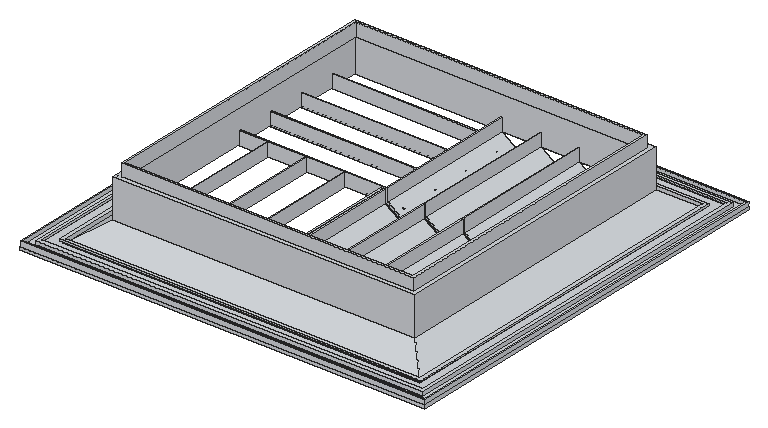
Revit family "QC-MS-3WAY-2", category Generic Models, Revit 2018
Family settings
  Can host rebar = No
  Round Connector Dimension = Use Diameter
  Part Type = Normal
  Work Plane-Based = No
  Always vertical = Yes
  Cut with Voids When Loaded = No
  Shared = No
  Room Calculation Point = No
Parameters (values of type "QC-MS-12X12-3WAY")
  Thickness = 0' - 0 7/128"  # constant formula
  NOMINAL DUCT WID = 1' - 0"
  NOMINAL DUCT HI = 1' - 0"
  Model = "QC-MS"
  Manufacturer = "ANEMOSTAT PRODUCTS"
  FRAMEGAP = 0' 0 1/4" / 2  # 0' - 0 1/8"
  FACEPLATE = 0' 3 3/4" / 2  # 0' - 1 7/8"
  F9 = 35.20°  # constant formula
  F8 = 0' - 0 49/256"  # constant formula
  F7 = 0' - 0 7/64"  # constant formula
  F6 = 0' - 0 51/256"  # constant formula
  F5 = 0' - 0 133/256"  # constant formula
  F4 = 0' - 1 15/32"  # constant formula
  F3 = 0' - 0 3/4"  # constant formula
  F2 = 0' - 1 9/128"  # constant formula
  F12 = 0' - 0 33/256"  # constant formula
  F11 = 0' - 0 9/32"  # constant formula
  F10 = 0' - 0 25/64"  # constant formula
  F1 = 0' - 1"  # constant formula
  Description = "STEEL MODULAR CORE DIFFUSER W/ LATTICE FACE PLATE"
  BLADES = 4
  BLADE4WUP = QC-BLADE : QC-BLADE
  BLADE4WR = QC-BLADE : QC-BLADE
  BLADE4WLEFT = QC-BLADE : QC-BLADE
  BLADE4WDOWN = QC-BLADE : QC-BLADE
  BLADE4WAY = NOMINAL DUCT HI / 2.15  # 0' - 5.5814"
Types (11): name | NOMINAL DUCT WID | NOMINAL DUCT HI | BLADES | BLADE4WAY
  (no name) | 1' - 0" | 1' - 0" | 4 | 0' - 5.5814"
  QC-MS-06X06-3WAY | 0' - 6" | 0' - 6" | 6 | 0' - 2.7907"
  QC-MS-08X08-3WAY | 0' - 8" | 0' - 8" | 3 | 0' - 3.72093"
  QC-MS-10X10-3WAY | 0' - 10" | 0' - 10" | 3 | 0' - 4.65116"
  QC-MS-12X12-3WAY | 1' - 0" | 1' - 0" | 4 | 0' - 5.5814"
  QC-MS-14X14-3WAY | 1' - 2" | 1' - 2" | 5 | 0' - 6.51163"
  QC-MS-16X16-3WAY | 1' - 4" | 1' - 4" | 6 | 0' - 7.44186"
  QC-MS-18X18-3WAY | 1' - 6" | 1' - 6" | 6 | 0' - 8.37209"
  QC-MS-20X20-3WAY | 1' - 8" | 1' - 8" | 7 | 0' - 9.30233"
  QC-MS-22X22-3WAY | 1' - 10" | 1' - 10" | 7 | 0' - 10.23256"
  QC-MS-24X24-3WAY | 2' - 0" | 2' - 0" | 8 | 0' - 11.16279"
Reference planes (in)
  plane 1 "Center (Front/Back)": y = 0
  plane 2: z = 0
  plane 3 "Center (Left/Right)": x = 0
  plane 4: x = -6
  plane 5: x = 6
  plane 6: z = 0.75
  plane 7: z = 2.21875
  plane 8: x = -7.07031
  plane 9: x = -8.07031
  plane 10: x = -5.875
  plane 11: x = 5.875
  plane 12: z = 2.73828
  plane 13: x = -5.67578
  plane 14: y = 6
  plane 15: y = -6
  plane 16: y = 5.875
  plane 17: y = -5.875
  plane 18: x = 0.05469
  plane 19: x = -0.05469
  plane 20: y = 0.05469
  plane 21: y = -0.05469
  plane 22: z = 1.46875
Forms (in)
  Extrusion 1, solid
    sketch origin (0, 0, 0) x (1, 0, 0) y (0, 1, 0)
      loop
        line (7.875, 7.875) -> (-7.875, 7.875) -> (-7.875, -7.875) -> (7.875, -7.875) -> (7.875, 7.875)
    from 0 to 0.10938
  Sweep 2, solid
    path in 3D
      loop
        line (-7.875, -7.875, 0.10937) -> (7.875, -7.875, 0.10937) -> (7.875, 7.875, 0.10937) -> (-7.875, 7.875, 0.10937) -> (-7.875, -7.875, 0.10937)
    profile origin (-7.875, 0, 0.10937) x (1, 0, 0) y (0, 0, 1)
      loop
        line (0, 0) -> (1.0078, 0) -> (2.05469, 0.7385) -> (2.05469, 2.20725) -> (2.25391, 2.20725) -> (2.25391, 2.72678) -> (2.19922, 2.72678) -> (2.19922, 2.26194) -> (2, 2.26194) -> (2, 0.76685) -> (0.98438, 0.0504) -> (0.98438, 0.19141) -> (0.85547, 0.19141) -> (0.85547, 0.12679) -> (0.92969, 0.12679) -> (0.92969, 0.05469) -> (0.39062, 0.05469) -> (0.39062, 0.12679) -> (0.46484, 0.12679) -> (0.46484, 0.19141) -> (0.33594, 0.19141) -> (0.33594, 0.05469) -> (0.05469, 0.05469) -> (0.05469, 0.19141) -> (0, 0.19141) -> (0, 0)
  Extrusion 3, void
    sketch origin (0, 0, 0) x (1, 0, 0) y (0, 1, 0)
      loop
        line (-7.01953, 7.01953) -> (-7.01953, -7.01953) -> (7.01953, -7.01953) -> (7.01953, 7.01953) -> (-7.01953, 7.01953)
    from 0 to 0.10938
Cuts and joins
  Extrusion 3 cuts Extrusion 1
  Extrusion 3 cuts Sweep 2
Lines and regions (in)
  sketch lines
    curve 1: line (-7.875, 7.875, 0.10937) -> (-7.875, -7.875, 0.10937)
    curve 2: line (-7.875, -7.875, 0.10937) -> (7.875, -7.875, 0.10937)
    curve 3: line (7.875, -7.875, 0.10937) -> (7.875, 7.875, 0.10937)
    curve 4: line (7.875, 7.875, 0.10937) -> (-7.875, 7.875, 0.10937)
Dimensions and locks (in)
  equal spacing: plane 5, plane 3 "Center (Left/Right)", plane 4
  "NOMINAL DUCT WID": plane 5 to plane 4
  "F3": plane 6 to level
  "F4": plane 7 to plane 6
  "F2": plane 4 to plane 8
  "F1": plane 8 to plane 9
  "FRAMEGAP": plane 10 to plane 4
  "FRAMEGAP": plane 5 to plane 11
  "F5": plane 12 to plane 7
  "F6": plane 13 to plane 10
  equal spacing: plane 14, plane 1 "Center (Front/Back)", plane 15
  "NOMINAL DUCT HI": plane 14 to plane 15
  plane 4 to plane 5 = 1' - 0"
  "FRAMEGAP": plane 14 to plane 16
  "FRAMEGAP": plane 17 to plane 15
  "FACEPLATE": plane 5 to Extrusion 1 sketch curve
  "FACEPLATE": Extrusion 1 sketch curve to plane 15
  "FACEPLATE": Extrusion 1 sketch curve to plane 4
  "FACEPLATE": Extrusion 1 sketch curve to plane 14
  "Thickness": Sweep 2 sketch curve to Sweep 2 sketch curve  (x7)
  "F5": Sweep 2 sketch curve to Sweep 2 sketch curve
  Sweep 2 sketch curve to Sweep 2 sketch curve = 0' - 1 15/32"
  Sweep 2 sketch curve to Extrusion 1 = 0' - 0.7385"
  Sweep 2 sketch curve to Sweep 2 sketch curve = 0' - 0 63/64"
  "F8": Sweep 2 sketch curve to Extrusion 1  (x3)
  "F4": Sweep 2 sketch curve to Sweep 2 sketch curve
  "F2": Sweep 2 sketch curve to Sweep 2 sketch curve
  "Thickness": Sweep 2 sketch curve to Extrusion 1
  "F10": Sweep 2 sketch curve to Sweep 2 sketch curve
  "F11": Sweep 2 sketch curve to Sweep 2 sketch curve
  "F12": Sweep 2 sketch curve to Sweep 2 sketch curve  (x2)
  "F6": Sweep 2 sketch curve to Sweep 2 sketch curve
  equal spacing: plane 19, plane 3 "Center (Left/Right)", plane 18
  equal spacing: plane 21, plane 1 "Center (Front/Back)", plane 20
  "F7": plane 19 to plane 18
  "F7": plane 20 to plane 21
  "F4": plane 22 to level
  equal spacing: group 1, group 2, group 3, group 7  (x3)
  equal spacing: group 4, group 5, group 6, group 8  (x3)
  equal spacing: group 9, group 10, group 11, group 12  (x3)
  equal spacing: group 16, group 15, group 14, group 13
  equal spacing: group 13, group 14, group 15, group 16  (x2)
  "F9": angle Extrusion 1 to Sweep 2 sketch curve  (x2)
  aligned and locked: plane 2 to level
  aligned and locked: Sweep 2 sketch curve to Extrusion 1  (x2)
  aligned and locked: Extrusion 3 sketch curve to cut or joined group of Sweep 2, Extrusion 3  (x4)
  aligned and locked: nested 4 to plane 22
  aligned and locked: nested 1 to plane 22
  aligned and locked: nested 2 to plane 18
  aligned and locked: nested 2 to plane 20
  aligned and locked: nested 4 to plane 18
  aligned and locked: nested 4 to plane 21
  aligned and locked: nested 3 to plane 19
  aligned and locked: nested 3 to plane 22
  aligned and locked: nested 2 to plane 22
  aligned and locked: nested 7 to plane 21
  aligned and locked: nested 1 to plane 21
  aligned and locked: nested 1 to nested 3
Automatic sketch dimensions
  profile plane to Sweep 2 sketch curve = 0' - 0 7/128"
  Sweep 2 sketch curve to Sweep 2 sketch curve = 0' - 0.06462"
  Sweep 2 sketch curve to Sweep 2 sketch curve = 0' - 0.0721"
Nested families (in)
  nested 1: "QC-BLADE" at (-0.05469, -0.05469, 0.19922), type <- "BLADE4WLEFT", type "QC-BLADE"
    with NOMINAL DUCT HI 0' - 11.86047", MIDBLADE 0' - 2.7907", BLADE4WAY 0' - 5.5814"
  nested 2: "QC-BLADE" at (0.05469, 0.05469, 0.19922) x (-1, 0, 0) z (0, 0, 1), type <- "BLADE4WR", type "QC-BLADE"
    with NOMINAL DUCT HI 0' - 11.86047", MIDBLADE 0' - 2.7907", BLADE4WAY 0' - 5.5814"
  nested 3: "QC-BLADE" at (-0.05469, 0.05469, 0.19922) x (0, -1, 0) z (0, 0, 1), type <- "BLADE4WUP", type "QC-BLADE"
    with NOMINAL DUCT HI 0' - 11.86047", MIDBLADE 0' - 2.7907", BLADE4WAY 0' - 5.5814"
  nested 4: "QC-BLADE" at (0.05469, -5.63608, 0.19922) x (-1, 0, 0) z (0, 0, 1), type <- "BLADE4WDOWN", type "QC-BLADE"
    with NOMINAL DUCT HI 0' - 11.86047", MIDBLADE 0' - 2.7907", BLADE4WAY 0' - 5.5814"
  nested 5: "QC-BLADE" at (1.55469, 0.05469, 0.19922) x (-1, 0, 0) z (0, 0, 1), type <- "BLADE4WR", type "QC-BLADE"
    with NOMINAL DUCT HI 0' - 11.86047", MIDBLADE 0' - 2.7907", BLADE4WAY 0' - 5.5814"
  nested 6: "QC-BLADE" at (3.05469, 0.05469, 0.19922) x (-1, 0, 0) z (0, 0, 1), type <- "BLADE4WR", type "QC-BLADE"
    with NOMINAL DUCT HI 0' - 11.86047", MIDBLADE 0' - 2.7907", BLADE4WAY 0' - 5.5814"
  nested 7: "QC-BLADE" at (1.55469, -5.63608, 0.19922) x (-1, 0, 0) z (0, 0, 1), type <- "BLADE4WDOWN", type "QC-BLADE"
    with NOMINAL DUCT HI 0' - 11.86047", MIDBLADE 0' - 2.7907", BLADE4WAY 0' - 5.5814"
  nested 8: "QC-BLADE" at (3.05469, -5.63608, 0.19922) x (-1, 0, 0) z (0, 0, 1), type <- "BLADE4WDOWN", type "QC-BLADE"
    with NOMINAL DUCT HI 0' - 11.86047", MIDBLADE 0' - 2.7907", BLADE4WAY 0' - 5.5814"
  nested 9: "QC-BLADE" at (4.55469, 0.05469, 0.19922) x (-1, 0, 0) z (0, 0, 1), type <- "BLADE4WR", type "QC-BLADE"
    with NOMINAL DUCT HI 0' - 11.86047", MIDBLADE 0' - 2.7907", BLADE4WAY 0' - 5.5814"
  nested 10: "QC-BLADE" at (4.55469, -5.63608, 0.19922) x (-1, 0, 0) z (0, 0, 1), type <- "BLADE4WDOWN", type "QC-BLADE"
    with NOMINAL DUCT HI 0' - 11.86047", MIDBLADE 0' - 2.7907", BLADE4WAY 0' - 5.5814"
  nested 11: "QC-BLADE" at (-0.05469, 1.55469, 0.19922) x (0, -1, 0) z (0, 0, 1), type <- "BLADE4WUP", type "QC-BLADE"
    with NOMINAL DUCT HI 0' - 11.86047", MIDBLADE 0' - 2.7907", BLADE4WAY 0' - 5.5814"
  nested 12: "QC-BLADE" at (-0.05469, 3.05469, 0.19922) x (0, -1, 0) z (0, 0, 1), type <- "BLADE4WUP", type "QC-BLADE"
    with NOMINAL DUCT HI 0' - 11.86047", MIDBLADE 0' - 2.7907", BLADE4WAY 0' - 5.5814"
  nested 13: "QC-BLADE" at (-0.05469, 4.55469, 0.19922) x (0, -1, 0) z (0, 0, 1), type <- "BLADE4WUP", type "QC-BLADE"
    with NOMINAL DUCT HI 0' - 11.86047", MIDBLADE 0' - 2.7907", BLADE4WAY 0' - 5.5814"
  nested 14: "QC-BLADE" at (-1.55469, -0.05469, 0.19922), type <- "BLADE4WLEFT", type "QC-BLADE"
    with NOMINAL DUCT HI 0' - 11.86047", MIDBLADE 0' - 2.7907", BLADE4WAY 0' - 5.5814"
  nested 15: "QC-BLADE" at (-3.05469, -0.05469, 0.19922), type <- "BLADE4WLEFT", type "QC-BLADE"
    with NOMINAL DUCT HI 0' - 11.86047", MIDBLADE 0' - 2.7907", BLADE4WAY 0' - 5.5814"
  nested 16: "QC-BLADE" at (-4.55469, -0.05469, 0.19922), type <- "BLADE4WLEFT", type "QC-BLADE"
    with NOMINAL DUCT HI 0' - 11.86047", MIDBLADE 0' - 2.7907", BLADE4WAY 0' - 5.5814"
Connectors (in)
  hvac at (0, 0, 2.37131), driven by "NOMINAL DUCT HI", driven by "NOMINAL DUCT WID"
    settings: on cut or joined group of Sweep 2, Extrusion 3, index 1, duct flow 0 CFM, flow factor 0, pres drop 0.00 in-wg, loss coef 0, conn angle 0.00°, conn width 12", conn height 12", conn diameter 24", duct sys type 1, conn prof type 1, flow config 0, flow direction 0, loss method 0, conn ref index -1, conn util no, is conn primary yes, conn desc ""
Definition of nested family "QC-BLADE"
  Parameters (values of type "QC-BLADE")
    Thickness = 0' - 0 7/128"  # constant formula
    NOMINAL DUCT WID = 0' - 6"
    NOMINAL DUCT HI = 0' - 6"
    Model = "QC-MS"
    Manufacturer = "ANEMOSTAT PRODUCTS"
    MIDBLADE = BLADE4WAY / 2  # 0' - 1.41176"
    FRAMEGAP = 0' 0 1/4" / 2  # 0' - 0 1/8"
    FACEPLATE = 0' 3 3/4" / 2  # 0' - 1 7/8"
    F9 = 35.20°  # constant formula
    F8 = 0' - 0 49/256"  # constant formula
    F7 = 0' - 0 7/64"  # constant formula
    F6 = 0' - 0 51/256"  # constant formula
    F5 = 0' - 0 133/256"  # constant formula
    F4 = 0' - 1 15/32"  # constant formula
    F3 = 0' - 0 3/4"  # constant formula
    F2 = 0' - 1 9/128"  # constant formula
    F12 = 0' - 0 33/256"  # constant formula
    F11 = 0' - 0 9/32"  # constant formula
    F10 = 0' - 0 25/64"  # constant formula
    F1 = 0' - 1"  # constant formula
    Description = "BLADE"
    BLADE4WAY = NOMINAL DUCT HI / 2.125  # 0' - 2.82353"
  Reference planes (in)
    plane 1 "Center (Front/Back)": y = 0
    plane 2: z = 0
    plane 3 "Center (Left/Right)": x = 0
    plane 4: x = -3
    plane 5: x = 3
    plane 6: z = 0.75
    plane 7: z = 2.21875
    plane 8: x = -4.07031
    plane 9: x = -5.07031
    plane 10: x = -2.875
    plane 11: x = 2.875
    plane 12: z = 2.73828
    plane 13: x = -2.67578
    plane 14: y = -3
    plane 15: y = -2.875
    plane 16: x = 0
    plane 17: y = -1.41176
  Forms (in)
    Extrusion 1, solid
      sketch origin (0, 0, 0) x (1, 0, 0) y (0, 0, 1)
        loop
          line (0.02734, 1.26953) -> (-0.02734, 1.26953) -> (-0.02734, 0.77835) -> (-1.06956, 0.04315) -> (-1.04297, -0.00502) -> (0.02734, 0.75) -> (0.02734, 1.26953)
      from 0 to 2.82353 <- "BLADE4WAY"
  Dimensions and locks (in)
    equal spacing: plane 5, plane 3 "Center (Left/Right)", plane 4
    "NOMINAL DUCT WID": plane 5 to plane 4
    "F3": plane 6 to level
    "F4": plane 7 to plane 6
    "F2": plane 4 to plane 8
    "F1": plane 8 to plane 9
    "FRAMEGAP": plane 10 to plane 4
    "FRAMEGAP": plane 5 to plane 11
    "F5": plane 12 to plane 7
    "F6": plane 13 to plane 10
    plane 1 "Center (Front/Back)" to plane 14 = 0' - 3"
    plane 4 to plane 5 = 0' - 6"
    "FRAMEGAP": plane 15 to plane 14
    "Thickness": Extrusion 1 sketch curve to Extrusion 1 sketch curve  (x2)
    "F5": Extrusion 1 sketch curve to Extrusion 1 sketch curve
    "F2": Extrusion 1 sketch curve to Extrusion 1 sketch curve
    locked: plane 16 to Extrusion 1 sketch curve at 0.02734
    "MIDBLADE": plane 17 to plane 1 "Center (Front/Back)"
    "F9": angle level to Extrusion 1 sketch curve  (x2)
    aligned and locked: plane 2 to level
    aligned and locked: plane 3 "Center (Left/Right)" to plane 16
  Automatic sketch dimensions
    Extrusion 1 sketch curve to plane 6 = 0' - 0"
    level to Extrusion 1 sketch curve = 0' - 0.04315"
